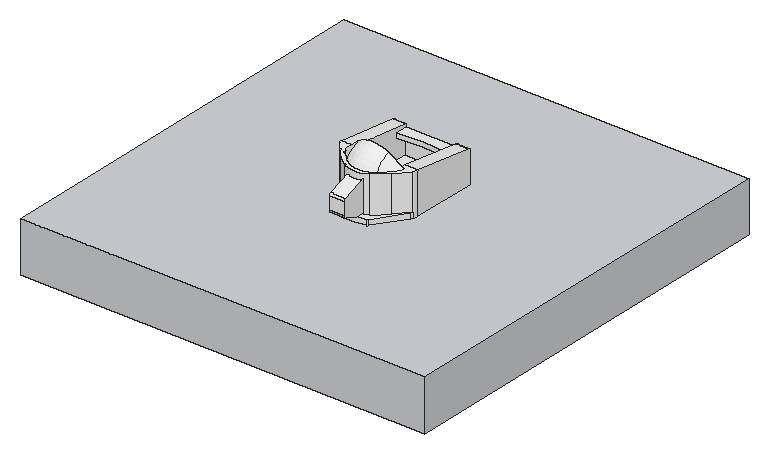
Revit family
Parameters (values of type "Vitreous_China-0-White")
  Width = 1' - 6"
  Waste Connection = yes
  WFU = 0
  Valve Pressure Drop = 0.00 psi
  URL = "http://www.us.kohler.com"
  Top of Urinal to Finished Floor = 3' - 7"
  Spud = Chrome-Kohler-CP-Polished
  Sanitary Radius = 1"
  Sanitary Diameter = Sanitary Radius * 2  # 2"
  Sanitary Connector = "Sanitary Connection"  # constant formula
  Product Page URL = "http://www.us.kohler.com/onlinecatalog/detail.jsp?prod_num=4960-ER"
  Product Documentation Link = "http://www.us.kohler.com/onlinecatalog/pdf/115945_4.pdf"
  Model = "K-4960-ER"  # constant formula
  Manufacturer = "Kohler"  # constant formula
  Length = 1' - 2 1/8"
  Height = 2' - 4"
  Flush Rate = 0.5 GPM
  Finish = Vitreous_China-Kohler-0-White
  Description = "Bardon™ urinal with rear spud\r\n"  # constant formula
  Default Elevation = 0' - 0"
  Created By = "http://www.medialab3dstudio.com/"
  Cold Water Radius = 3/8"
  Cold Water Diameter = Cold Water Radius * 2  # 3/4"
  Cold Water Connector = "Cold Water Connection"  # constant formula
  CW Connection = yes
  Assembly Code = "D2010210"
  Actual Valve Water Flow = 0 GPM
  ADA Compliant = yes
Types (8): name | Product Page URL | Finish
  (no name) | "http://www.us.kohler.com/onlinecatalog/detail.jsp?prod_num=4960-ER" | Vitreous_China-Kohler-0-White
  Vitreous_China-0-White | "http://www.us.kohler.com/onlinecatalog/detail.jsp?prod_num=4960-ER" | Vitreous_China-Kohler-0-White
  Vitreous_China-7-Black_Black | "http://www.us.kohler.com/onlinecatalog/detail.jsp?prod_num=4960-er" | Vitreous_China-Kohler-7-Black_Black
  Vitreous_China-33-Mexican_Sand | "http://www.us.kohler.com/onlinecatalog/detail.jsp?prod_num=4960-er" | Vitreous_China-Kohler-33-Mexican_Sand
  Vitreous_China-47-Almond | "http://www.us.kohler.com/onlinecatalog/detail.jsp?prod_num=4960-er" | Vitreous_China-Kohler-47-Almond
  Vitreous_China-55-Innocent_Blush | "http://www.us.kohler.com/onlinecatalog/detail.jsp?prod_num=4960-er" | Vitreous_China-Kohler-55-Innocent_Blush
  Vitreous_China-96-Biscuit | "http://www.us.kohler.com/onlinecatalog/detail.jsp?prod_num=4960-er" | Vitreous_China-Kohler-96-Biscuit
  Vitreous_China-G9-Sandbar | "http://www.us.kohler.com/onlinecatalog/detail.jsp?prod_num=4960-er" | Vitreous_China-Kohler-G9-Sandbar
Reference planes
  plane 1 "Center (Top/Bottom)": y = 0
  plane 2 "Back": z = 0
  plane 3 "Center (Left/Right)": x = 0
  plane 4 "Left": x = -228.6
  plane 5 "Right": x = 228.6
  plane 6 "Top": y = 355.6
  plane 7 "Bottom of Urinal": y = -355.6
  plane 8 "Center (Front/Back)": z = 228.6
  plane 9: y = 292.401
  plane 10: z = 152.4
  plane 11: z = 177.8
  plane 12: y = 342.666
  plane 13: x = 152.4
  plane 14: x = -152.4
  plane 15: z = 249.536
  plane 16: z = 31.307
  plane 17 "Front": z = 358.775
  plane 18: x = -203.2
  plane 19: y = 349.85
  plane 20: y = -34.925
  plane 21: z = 197.41
  plane 22: y = 349.85
  plane 23: y = -34.925
  plane 24: z = 197.41
  plane 25: z = 190.558
  plane 26: z = 190.558
  plane 27: x = -44.45
  plane 28: x = 44.45
  plane 29: y = -204.48
  plane 30: y = -346.876
  plane 31: y = -263.045
  plane 32: z = 221.002
  plane 33: z = 168.531
  plane 34: z = 156.072
  plane 35: z = 79.584
  plane 36: z = 66.236
  plane 37: y = -348.799
  plane 38: y = -34.925
  plane 39: x = -216.358
  plane 40: x = -101.6
  plane 41: x = -94.005
  plane 42: y = -69.641
  plane 43: y = -247.208
  plane 44: y = -252.527
  plane 45: x = 94.005
  plane 46: x = 101.6
  plane 47: x = 216.358
  plane 48: y = -204.48
  plane 49: z = -12.254
  plane 50: y = -34.925
  plane 51: y = -63.598
  plane 52: y = -136.633
  plane 53: y = -172.058
  plane 54: y = -114.045
  plane 55: x = -83.263
  plane 56: x = 219.966
  plane 57: x = -219.966
  plane 58: y = -203.79
  plane 59: x = -76.712
  plane 60: x = 76.712
  plane 61: x = 83.263
  plane 62: y = -34.925
  plane 63: x = 169.256
  plane 64: x = 156.556
  plane 65: x = -156.556
  plane 66: x = -169.256
  plane 67: x = 83.263
  plane 68: x = -83.263
  plane 69: x = -91.426
  plane 70: x = 91.426
  plane 71: z = 219.319
  plane 72: z = 223.583
  plane 73: z = 227.309
  plane 74: z = 268.397
  plane 75: z = 262.276
  plane 76: y = -87.651
  plane 77: y = -215.62
  plane 78: z = 346.082
  plane 79: z = 187.984
  plane 80: y = -204.48
  plane 81: z = 126.154
  plane 82: y = -63.598
  plane 83: x = -219.966
  plane 84: x = 219.966
  plane 85: y = -69.943
  plane 86: y = -81.04
  plane 87: x = -88.922
  plane 88: x = 88.922
  plane 89: y = -261.911
  plane 90 "Bottom": y = -736.6
  plane 91: y = -179.08
  plane 92: y = -229.88
  plane 93: y = -228.315
  plane 94: y = -228.315
  plane 95: x = 25.4
  plane 96: x = -25.4
  plane 97: x = 168.746
  plane 98: x = -168.746
  plane 99: z = 76.2
  plane 100: x = -12.7
  plane 101: x = -6.35
  plane 102: x = 6.35
  plane 103: x = 12.7
  plane 104: z = 88.9
  plane 105: z = 82.55
  plane 106: z = 69.85
  plane 107: z = 63.5
  plane 108: z = 92.075
  plane 109: z = 60.325
  plane 110: x = -15.875
  plane 111: x = -12.7
  plane 112: x = -9.525
  plane 113: x = 9.525
  plane 114: x = 12.7
  plane 115: x = 15.875
  plane 116: y = 367.854
  plane 117: y = 363.767
  plane 118: y = 359.682
  plane 119: y = 359.682
  plane 120: z = 92.075
  plane 121: z = 88.9
  plane 122: z = 85.725
  plane 123: z = 66.675
  plane 124: z = 63.5
  plane 125: z = 60.325
  plane 126: y = 367.854
  plane 127: y = 363.767
  plane 128: y = 359.682
Forms (mm)
  Extrusion 1, solid
    sketch origin (0, 0, 0) x (1, 0, 0) y (0, 1, 0)
      loop
        line (-1219.2, 1219.2) -> (-1219.2, -1219.2) -> (1219.2, -1219.2) -> (1219.2, 1219.2) -> (-1219.2, 1219.2)
    from 0 to -304.8
  Extrusion 2, solid, material "Vitreous_China-Kohler-0-White" <- "Finish"
    sketch origin (0, 0, 0) x (1, 0, 0) y (0, 0, 1)
      loop
        line (228.6, 0) -> (228.6, 177.8) -> (152.4, 177.8) -> (152.4, 31.307) -> (-152.4, 31.307) -> (-152.4, 177.8) -> (-228.6, 177.8) -> (-228.6, 0) -> (228.6, 0)
    from -355.6 to 34.925
  Extrusion 3, solid, material "Vitreous_China-Kohler-0-White" <- "Finish"
    sketch origin (0, 0, 0) x (1, 0, 0) y (0, 1, 0)
      loop
        arc (-152.4, 277.758) -> (-0.018, 291.223) -> (152.4, 278.161) r 882.18
        line (152.4, 278.161) -> (152.4, 355.6) -> (-152.4, 355.6) -> (-152.4, 277.758)
    from 152.4 to 177.8
  Extrusion 4, solid, material "Vitreous_China-Kohler-0-White" <- "Finish"
    sketch origin (0, 0, 0) x (1, 0, 0) y (0, 0, 1)
      loop
        line (152.4, 152.4) -> (-152.4, 152.4) -> (-152.4, 31.307) -> (152.4, 31.307) -> (152.4, 152.4)
    from -355.6 to -342.666
  Extrusion 5, solid, material "Vitreous_China-Kohler-0-White" <- "Finish"
    sketch origin (0, 12.934, 0) x (0, 1, 0) y (0, 0, 1)
      loop
        line (-47.86, 177.8) -> (342.666, 177.8) -> (342.666, 190.558)
        arc (342.666, 190.558) -> (341.038, 195.03) -> (336.916, 197.41) r 6.958
        line (336.916, 197.41) -> (-47.86, 249.536) -> (-47.86, 177.8)
    from -228.6 to -152.4
  Extrusion 6, solid, material "Vitreous_China-Kohler-0-White" <- "Finish"
    sketch origin (0, 0, 0) x (1, 0, 0) y (0, 1, 0)
      loop
        line (-216.358, -69.641) -> (-101.6, -247.208)
        arc (-101.6, -247.208) -> (-98.281, -250.551) -> (-94.005, -252.527) r 13.301
        arc (-94.005, -252.527) -> (0, -264.57) -> (94.005, -252.527) r 372.897
        arc (94.005, -252.527) -> (98.281, -250.551) -> (101.6, -247.208) r 13.301
        line (101.6, -247.208) -> (216.358, -69.641)
        arc (216.358, -69.641) -> (225.064, -53.195) -> (228.6, -34.925) r 63.172
        line (228.6, -34.925) -> (-228.6, -34.925)
        arc (-228.6, -34.925) -> (-225.064, -53.195) -> (-216.358, -69.641) r 63.172
    from 0 to 31.307
  Extrusion 7, solid, material "Vitreous_China-Kohler-0-White" <- "Finish"
    sketch origin (0, 12.934, 0) x (0, 1, 0) y (0, 0, -1)
      loop
        line (-47.86, -177.8) -> (-47.86, -249.536) -> (336.916, -197.41)
        arc (336.916, -197.41) -> (341.038, -195.03) -> (342.666, -190.558) r 6.958
        line (342.666, -190.558) -> (342.666, -177.8) -> (-47.86, -177.8)
    from -228.6 to -152.4
  Extrusion 8, solid, material "Vitreous_China-Kohler-0-White" <- "Finish"
    sketch origin (0, 0, 0) x (1, 0, 0) y (0, 1, 0)
      loop
        arc (-152.4, -136.633) -> (-116.352, -172.236) -> (-76.712, -203.79) r 474.221
        arc (-76.712, -203.79) -> (0, -228.315) -> (76.712, -203.79) r 132.238
        arc (76.712, -203.79) -> (116.352, -172.236) -> (152.4, -136.633) r 474.221
        line (152.4, -136.633) -> (219.966, -63.598)
        arc (219.966, -63.598) -> (226.395, -49.897) -> (228.6, -34.925) r 51.924
        line (228.6, -34.925) -> (152.4, -34.925) -> (152.4, -114.045) -> (83.263, -172.058)
        arc (83.263, -172.058) -> (0, -202.363) -> (-83.263, -172.058) r 129.533
        line (-83.263, -172.058) -> (-152.4, -114.045) -> (-152.4, -34.925) -> (-228.6, -34.925)
        arc (-228.6, -34.925) -> (-226.395, -49.897) -> (-219.966, -63.598) r 51.924
        line (-219.966, -63.598) -> (-152.4, -136.633)
    from 0 to 249.536
  Extrusion 9, solid, material "Vitreous_China-Kohler-0-White" <- "Finish"
    sketch origin (0, 0, 0) x (0, 1, 0) y (0, 0, 1)
      loop
        line (-263.045, 31.307) -> (-204.48, 31.307) -> (-204.48, 221.002) -> (-346.876, 168.531)
        arc (-346.876, 168.531) -> (-353.202, 163.677) -> (-355.6, 156.072) r 13.259
        line (-355.6, 156.072) -> (-355.6, 79.584)
        arc (-355.6, 79.584) -> (-354.467, 71.755) -> (-348.799, 66.236) r 12.295
        line (-348.799, 66.236) -> (-263.045, 31.307)
    from -44.45 to 44.45
  Sweep 10, solid, material "Vitreous_China-Kohler-0-White" <- "Finish"
    path origin (0, 12.695, -61.551) x (0, 1, 0) y (0, 0, 1)
      loop
        arc (-228.315, 249.536) -> (-192.314, 351.235) -> (-100.346, 407.633) r 161.645
    profile origin (0, -179.618, 289.684) x (0, -0.77728, 0.629155) y (1, 0, 0)
      loop
        line (-111.84, 169.256) -> (-111.84, 156.556) -> (-105.062, 156.556) -> (-43.562, 83.263)
        arc (-43.562, 83.263) -> (-13.257, 0) -> (-43.562, -83.263) r 129.533
        line (-43.562, -83.263) -> (-105.062, -156.556) -> (-111.84, -156.556) -> (-111.84, -169.256) -> (-99.14, -169.256) -> (-33.833, -91.426)
        arc (-33.833, -91.426) -> (-0.557, 0) -> (-33.833, 91.426) r 142.233
        line (-33.833, 91.426) -> (-99.14, 169.256) -> (-111.84, 169.256)
  Extrusion 11, solid, material "Chrome-Kohler-CP-Polished" <- "Spud"
    sketch origin (0, 0, 0) x (1, 0, 0) y (0, 1, 0)
      loop
        arc (-25.4, -204.48) -> (-17.961, -222.441) -> (0, -229.88) r 25.4
        arc (0, -229.88) -> (17.961, -222.441) -> (25.4, -204.48) r 25.4
        arc (25.4, -204.48) -> (17.961, -186.52) -> (0, -179.08) r 25.4
        arc (0, -179.08) -> (-17.961, -186.52) -> (-25.4, -204.48) r 25.4
    from -12.254 to 0
  Revolve 12, solid, material "Chrome-Kohler-CP-Polished" <- "Spud"
    sketch origin (0, -779.8, 127.368) x (0, 0.258819, -0.965926) y (0, 0.965926, 0.258819)
      loop
        arc (176.37, 558.19) -> (173.039, 559.512) -> (169.642, 560.654) r 67.161
        arc (169.642, 560.654) -> (167.367, 560.339) -> (165.161, 559.701) r 15.956
        line (165.161, 559.701) -> (152.162, 563.184) -> (150.076, 555.402) -> (182.673, 546.668) -> (183.455, 551.105)
        arc (183.455, 551.105) -> (180.596, 555.33) -> (176.37, 558.19) r 13.473
      axis (152.7, 565.193) -> (150.076, 555.402)
    angle from 0 to 360
  Extrusion 13, solid, material "Chrome-Kohler-CP-Polished" <- "Spud"
    sketch origin (0, 355.6, -238.556) x (1, 0, 0) y (0, 0, 1)
      loop
        arc (-9.525, 314.756) -> (-6.735, 308.02) -> (0, 305.231) r 9.525
        arc (0, 305.231) -> (6.735, 308.02) -> (9.525, 314.756) r 9.525
        arc (9.525, 314.756) -> (6.735, 321.491) -> (0, 324.281) r 9.525
        arc (0, 324.281) -> (-6.735, 321.491) -> (-9.525, 314.756) r 9.525
    from -12.254 to -8.167
  Extrusion 14, solid, material "Chrome-Kohler-CP-Polished" <- "Spud"
    sketch origin (0, 355.6, -238.556) x (1, 0, 0) y (0, 0, 1)
      loop
        line (-12.7, 308.406) -> (-6.35, 302.056) -> (6.35, 302.056) -> (12.7, 308.406) -> (12.7, 321.106) -> (6.35, 327.456) -> (-6.35, 327.456) -> (-12.7, 321.106) -> (-12.7, 308.406)
    from -8.167 to -4.082
  Extrusion 15, solid, material "Chrome-Kohler-CP-Polished" <- "Spud"
    sketch origin (0, 355.6, -238.556) x (1, 0, 0) y (0, 0, 1)
      loop
        arc (-15.875, 314.756) -> (-11.225, 303.53) -> (0, 298.881) r 15.875
        arc (0, 298.881) -> (11.225, 303.53) -> (15.875, 314.756) r 15.875
        arc (15.875, 314.756) -> (11.225, 325.981) -> (0, 330.631) r 15.875
        arc (0, 330.631) -> (-11.225, 325.981) -> (-15.875, 314.756) r 15.875
    from -4.082 to 0
Cuts and joins
  joined: Extrusion 2, Extrusion 3, Extrusion 4, Extrusion 5, Extrusion 6, Extrusion 7, Extrusion 8, Sweep 10
Lines and regions (mm)
  Masking region 1, detail levels coarse
    outline origin (0, 0, 0) x (1, 0, 0) y (0, 1, 0)
      loop
        line (-228.6, 355.6) -> (-228.6, -355.6) -> (228.6, -355.6) -> (228.6, 355.6) -> (-228.6, 355.6)
  Masking region 2, detail levels medium+fine
    outline origin (0, 0, 228.6) x (0, -1, 0) y (1, 0, 0)
      loop
        line (-355.6, -228.6) -> (34.925, -228.6)
        arc (34.925, -228.6) -> (47.272, -227.111) -> (58.911, -222.728) r 51.924
        arc (58.911, -222.728) -> (64.434, -219.809) -> (69.641, -216.358) r 63.172
        line (69.641, -216.358) -> (247.208, -101.6)
        arc (247.208, -101.6) -> (250.551, -98.281) -> (252.527, -94.005) r 13.301
        arc (252.527, -94.005) -> (258.058, -69.386) -> (261.911, -44.45) r 372.897
        line (261.911, -44.45) -> (355.6, -44.45) -> (355.6, 44.45) -> (261.911, 44.45)
        arc (261.911, 44.45) -> (258.058, 69.386) -> (252.527, 94.005) r 372.897
        arc (252.527, 94.005) -> (250.551, 98.281) -> (247.208, 101.6) r 13.301
        line (247.208, 101.6) -> (69.641, 216.358)
        arc (69.641, 216.358) -> (64.434, 219.809) -> (58.911, 222.728) r 63.172
        arc (58.911, 222.728) -> (47.272, 227.111) -> (34.925, 228.6) r 51.924
        line (34.925, 228.6) -> (-355.6, 228.6) -> (-355.6, 15.875) -> (-359.682, 15.875) -> (-359.682, 12.7) -> (-363.767, 12.7) -> (-363.767, 9.525) -> (-367.854, 9.525) -> (-367.854, -9.525) -> (-363.767, -9.525) -> (-363.767, -12.7) -> (-359.682, -12.7) -> (-359.682, -15.875) -> (-355.6, -15.875) -> (-355.6, -228.6)
  Masking region 3, detail levels fine
    outline origin (0, 0, 0) x (1, 0, 0) y (0, 1, 0)
      loop
        arc (0, -179.08) -> (-17.961, -186.52) -> (-25.4, -204.48) r 25.4
        arc (-25.4, -204.48) -> (-17.961, -222.441) -> (0, -229.88) r 25.4
        arc (0, -229.88) -> (17.961, -222.441) -> (25.4, -204.48) r 25.4
        arc (25.4, -204.48) -> (17.961, -186.52) -> (0, -179.08) r 25.4
  Masking region 4, detail levels fine
    outline origin (0, 0, 457.2) x (0, -1, 0) y (1, 0, 0)
      loop
        line (-277.758, -152.4) -> (69.943, -152.4) -> (81.04, -88.922)
        arc (81.04, -88.922) -> (87.647, 0) -> (81.04, 88.922) r 601.641
        line (81.04, 88.922) -> (69.943, 152.4) -> (-278.161, 152.4)
        arc (-278.161, 152.4) -> (-291.223, -0.018) -> (-277.758, -152.4) r 882.18
  Masking region 5, detail levels fine
    outline origin (0, 0, 457.2) x (0, -1, 0) y (1, 0, 0)
      loop
        line (81.04, -88.922) -> (58.338, -218.789) -> (172.058, -83.263)
        arc (172.058, -83.263) -> (202.363, 0) -> (172.058, 83.263) r 129.533
        line (172.058, 83.263) -> (58.338, 218.789) -> (81.04, 88.922)
        arc (81.04, 88.922) -> (87.647, 0) -> (81.04, -88.922) r 601.641
  Masking region 6, detail levels coarse
    outline origin (0, 0, 0) x (0, 1, 0) y (0, 0, 1)
      loop
        line (355.6, 358.775) -> (-355.6, 358.775) -> (-355.6, 0) -> (355.6, 0) -> (355.6, 358.775)
  Masking region 7, detail levels medium+fine
    outline origin (0, 0, 0) x (0, 1, 0) y (0, 0, 1)
      loop
        arc (355.6, 190.558) -> (353.972, 195.03) -> (349.85, 197.41) r 6.958
        line (349.85, 197.41) -> (-34.925, 249.536) -> (-67.086, 249.536) -> (-89.162, 353.177)
        arc (-89.162, 353.177) -> (-159.668, 316.352) -> (-202.826, 249.536) r 155.887
        line (-202.826, 249.536) -> (-228.315, 249.536) -> (-228.315, 212.219) -> (-346.876, 168.531)
        arc (-346.876, 168.531) -> (-353.202, 163.677) -> (-355.6, 156.072) r 13.259
        line (-355.6, 156.072) -> (-355.6, 79.584)
        arc (-355.6, 79.584) -> (-354.467, 71.755) -> (-348.799, 66.236) r 12.295
        line (-348.799, 66.236) -> (-261.911, 30.845) -> (-261.911, 0) -> (-229.88, 0) -> (-229.88, -12.254) -> (-179.08, -12.254) -> (-179.08, 0) -> (355.6, 0) -> (355.6, 60.325) -> (359.682, 60.325) -> (359.682, 63.5) -> (363.767, 63.5) -> (363.767, 66.675) -> (367.854, 66.675) -> (367.854, 85.725) -> (363.767, 85.725) -> (363.767, 88.9) -> (359.682, 88.9) -> (359.682, 92.075) -> (355.6, 92.075) -> (355.6, 190.558)
  Masking region 8, detail levels fine
    outline origin (0, 0, 0) x (0, 1, 0) y (0, 0, 1)
      loop
        line (-63.598, 31.307) -> (-261.911, 31.307) -> (-261.911, 0) -> (-63.598, 0) -> (-63.598, 31.307)
  Masking region 9, detail levels coarse
    outline origin (0, 0, 0) x (1, 0, 0) y (0, 0, 1)
      loop
        line (228.6, 358.775) -> (-228.6, 358.775) -> (-228.6, 0) -> (228.6, 0) -> (228.6, 358.775)
  Masking region 10, detail levels medium+fine
    outline origin (0, 0, 0) x (1, 0, 0) y (0, 0, 1)
      loop
        line (228.6, 0) -> (228.6, 249.536) -> (168.746, 249.536) -> (82.117, 320.631)
        spline (82.117, 320.631) -> (69.794, 328.3) -> (56.736, 334.687) -> (43.083, 339.726) -> (28.976, 343.364) -> (14.564, 345.562) -> (0, 346.297) -> (-14.564, 345.562) -> (-28.976, 343.364) -> (-43.083, 339.726) -> (-56.736, 334.687) -> (-69.794, 328.3) -> (-82.117, 320.631)
        line (-82.117, 320.631) -> (-168.746, 249.536) -> (-228.6, 249.536) -> (-228.6, 0) -> (-25.4, 0) -> (-25.4, -12.254) -> (25.4, -12.254) -> (25.4, 0) -> (228.6, 0)
  Masking region 11, detail levels fine
    outline origin (0, 355.6, 0) x (1, 0, 0) y (0, 0, 1)
      loop
        line (152.4, 246.736) -> (83.263, 303.476)
        spline (83.263, 303.476) -> (71.18, 312.274) -> (58.135, 319.64) -> (44.303, 325.476) -> (29.872, 329.701) -> (15.038, 332.26) -> (0, 333.116) -> (-15.038, 332.26) -> (-29.872, 329.701) -> (-44.303, 325.476) -> (-58.135, 319.64) -> (-71.18, 312.274) -> (-83.263, 303.476)
        line (-83.263, 303.476) -> (-152.4, 246.736) -> (-152.4, 177.8) -> (152.4, 177.8) -> (152.4, 246.736)
  Masking region 12, detail levels fine
    outline origin (0, 0, 0) x (1, 0, 0) y (0, 0, 1)
      loop
        line (25.4, 0) -> (-25.4, 0) -> (-25.4, -12.254) -> (25.4, -12.254) -> (25.4, 0)
  Masking region 13, detail levels fine
    outline origin (0, 355.6, -238.556) x (0, 0, 1) y (0, -1, 0)
      loop
        line (330.631, 0) -> (298.881, 0) -> (298.881, -4.082) -> (330.631, -4.082) -> (330.631, 0)
  Masking region 14, detail levels fine
    outline origin (0, 355.6, -238.556) x (0, 0, 1) y (0, -1, 0)
      loop
        line (321.106, -4.082) -> (308.406, -4.082) -> (308.406, -8.167) -> (321.106, -8.167) -> (321.106, -4.082)
  Masking region 15, detail levels fine
    outline origin (0, 355.6, -238.556) x (0, 0, 1) y (0, -1, 0)
      loop
        line (302.056, -4.082) -> (302.056, -8.167) -> (327.456, -8.167) -> (327.456, -4.082) -> (302.056, -4.082)
  Masking region 16, detail levels fine
    outline origin (0, 0, 0) x (1, 0, 0) y (0, 1, 0)
      loop
        line (-12.7, 363.767) -> (-12.7, 359.682) -> (12.7, 359.682) -> (12.7, 363.767) -> (-12.7, 363.767)
  Masking region 17, detail levels fine
    outline origin (0, 0, 0) x (1, 0, 0) y (0, 1, 0)
      loop
        line (-15.875, 359.682) -> (-15.875, 355.6) -> (15.875, 355.6) -> (15.875, 359.682) -> (-15.875, 359.682)
  Masking region 18, detail levels fine
    outline origin (0, 0, 0) x (1, 0, 0) y (0, 1, 0)
      loop
        line (-6.35, 363.767) -> (-6.35, 359.682) -> (6.35, 359.682) -> (6.35, 363.767) -> (-6.35, 363.767)
  Masking region 19, detail levels fine
    outline origin (0, 355.6, 0) x (1, 0, 0) y (0, 0, 1)
      loop
        arc (9.525, 76.2) -> (6.735, 82.935) -> (0, 85.725) r 9.525
        arc (0, 85.725) -> (-6.735, 82.935) -> (-9.525, 76.2) r 9.525
        arc (-9.525, 76.2) -> (-6.735, 69.465) -> (0, 66.675) r 9.525
        arc (0, 66.675) -> (6.735, 69.465) -> (9.525, 76.2) r 9.525
      loop
        line (12.7, 69.85) -> (12.7, 82.55) -> (6.35, 88.9) -> (-6.35, 88.9) -> (-12.7, 82.55) -> (-12.7, 69.85) -> (-6.35, 63.5) -> (6.35, 63.5) -> (12.7, 69.85)
      loop
        arc (15.875, 76.2) -> (11.225, 87.425) -> (0, 92.075) r 15.875
        arc (0, 92.075) -> (-11.225, 87.425) -> (-15.875, 76.2) r 15.875
        arc (-15.875, 76.2) -> (-11.225, 64.975) -> (0, 60.325) r 15.875
        arc (0, 60.325) -> (11.225, 64.975) -> (15.875, 76.2) r 15.875
  symbolic lines, style "Masking Lines", detail levels fine
    curve 1: arc (-152.4, -136.633, 457.2) -> (-116.352, -172.236, 457.2) -> (-76.712, -203.79, 457.2) r 474.221
    curve 2: line (-219.966, -63.598, 457.2) -> (-152.4, -136.633, 457.2)
    curve 3: arc (-76.712, -203.79, 457.2) -> (0, -228.315, 457.2) -> (76.712, -203.79, 457.2) r 132.238
    curve 4: arc (76.712, -203.79, 457.2) -> (116.352, -172.236, 457.2) -> (152.4, -136.633, 457.2) r 474.221
    curve 5: line (152.4, -136.633, 457.2) -> (219.966, -63.598, 457.2)
    curve 6: arc (-44.45, -261.911, 0) -> (0, -263.045, 0) -> (44.45, -261.911, 0) r 872.166
    curve 7: line (0, -204.48, 249.536) -> (0, -63.598, 249.536)
    curve 8: line (0, -228.315, 228.6) -> (0, -228.315, 31.307)
    curve 9: line (-44.45, -261.911, 358.775) -> (-44.45, -220.62, 358.775)
    curve 10: line (44.45, -261.911, 358.775) -> (44.45, -220.62, 358.775)
    curve 11: line (-152.4, 277.758, 358.775) -> (-152.4, 355.6, 358.775)
    curve 12: line (152.4, 278.161, 358.775) -> (152.4, 355.6, 358.775)
Dimensions and locks
  equal spacing: plane 4 "Left", plane 3 "Center (Left/Right)", plane 5 "Right"
  "Width": plane 4 "Left" to plane 5 "Right"
  equal spacing: plane 7 "Bottom of Urinal", plane 1 "Center (Top/Bottom)", plane 6 "Top"
  "Height": plane 7 "Bottom of Urinal" to plane 6 "Top"
  locked: plane 2 "Back" to plane 15 at 249.536
  locked: plane 4 "Left" to plane 18 at 25.4
  plane 19 to plane 20 to plane 7 "Bottom of Urinal" = 1' - 3.14864" locked, 1' - 0 5/8" locked
  locked: plane 25 to plane 24 at 6.852
  plane 22 to plane 23 to plane 7 "Bottom of Urinal" = 1' - 3.14864" locked, 1' - 0 5/8" locked
  locked: plane 21 to plane 26 at 6.852
  plane 7 "Bottom of Urinal" to plane 37 to plane 30 = 0' - 0.26777" locked, 0' - 0.0757" locked
  plane 31 to plane 29 to plane 1 "Center (Top/Bottom)" = 0' - 2.30569" locked, 0' - 8.0504" locked
  plane 34 to plane 33 to plane 32 = 0' - 0.49053" locked, 0' - 2.06576" locked
  plane 2 "Back" to plane 36 to plane 35 = 0' - 2.60771" locked, 0' - 0.52553" locked
  plane 4 "Left" to plane 39 to plane 40 to plane 41 = 0' - 0.48197" locked, 0' - 4.51801" locked, 0' - 0.29904" locked
  plane 45 to plane 46 to plane 47 to plane 5 "Right" = 0' - 0.29904" locked, 0' - 4.51801" locked, 0' - 0.48197" locked
  plane 42 to plane 38 to plane 6 "Top" = 0' - 1.36677" locked, 1' - 3 3/8" locked
  plane 7 "Bottom of Urinal" to plane 44 to plane 43 = 0' - 4.05801" locked, 0' - 0.20939" locked
  plane 4 "Left" to plane 57 to plane 55 to plane 59 = 0' - 0.33993" locked, 0' - 5.38201" locked, 0' - 0.2579" locked
  plane 60 to plane 61 to plane 56 to plane 5 "Right" = 0' - 0.2579" locked, 0' - 5.38201" locked, 0' - 0.33993" locked
  plane 54 to plane 51 to plane 50 to plane 6 "Top" = 0' - 1.9861" locked, 0' - 1.12884" locked, 1' - 3 3/8" locked
  plane 7 "Bottom of Urinal" to plane 58 to plane 53 to plane 52 = 0' - 5.97676" locked, 0' - 1.24931" locked, 0' - 1.39468" locked
  locked: plane 7 "Bottom of Urinal" to plane 62 at 320.675
  locked: plane 48 to plane 7 "Bottom of Urinal" at 151.12
  locked: plane 75 to plane 74 at 6.121
  plane 2 "Back" to plane 71 to plane 72 to plane 73 = 0' - 8.6346" locked, 0' - 0.16789" locked, 0' - 0.14669" locked
  plane 68 to plane 69 to plane 65 to plane 66 to plane 4 "Left" = 0' - 0.32139" locked, 0' - 2.56418" locked, 0' - 0 1/2" locked, 0' - 2.33638" locked
  plane 5 "Right" to plane 63 to plane 64 to plane 70 to plane 67 = 0' - 2.33638" locked, 0' - 0 1/2" locked, 0' - 2.56418" locked, 0' - 0.32139" locked
  locked: plane 7 "Bottom of Urinal" to plane 77 at 139.98
  locked: plane 76 to plane 6 "Top" at 443.251
  locked: plane 2 "Back" to plane 79 at 187.984
  locked: plane 7 "Bottom of Urinal" to plane 80 at 151.12
  plane 27 to plane 3 "Center (Left/Right)" to plane 28 = 0' - 1 3/4" locked, 0' - 1 3/4" locked
  locked: plane 81 to plane 15 at 123.381
  locked: plane 4 "Left" to plane 83 at 8.634
  locked: plane 84 to plane 5 "Right" at 8.634
  locked: plane 7 "Bottom of Urinal" to plane 82 at 292.002
  locked: plane 4 "Left" to plane 87 at 139.678
  locked: plane 88 to plane 84 at 131.044
  plane 85 to plane 86 to plane 7 "Bottom of Urinal" = 0' - 0.43687" locked, 0' - 10.80946" locked
  locked: plane 7 "Bottom of Urinal" to plane 89 at 93.689
  "Top of Urinal to Finished Floor": plane 90 "Bottom" to plane 6 "Top"
  plane 91 to plane 92 to plane 7 "Bottom of Urinal" = 0' - 2" locked, 0' - 4.9496" locked
  locked: plane 93 to plane 7 "Bottom of Urinal" at 127.285
  locked: plane 94 to plane 7 "Bottom of Urinal" at 127.285
  plane 95 to plane 97 to plane 5 "Right" = 0' - 5.64355" locked, 0' - 2.35645" locked
  plane 4 "Left" to plane 98 to plane 96 = 0' - 2.35645" locked, 0' - 5.64355" locked
  "Length": plane 2 "Back" to plane 17 "Front"
  locked: plane 2 "Back" to plane 49 at 12.254
  plane 4 "Left" to plane 110 to plane 111 to plane 112 = 0' - 8 3/8" locked, 0' - 0 1/8" locked, 0' - 0 1/8" locked
  plane 113 to plane 114 to plane 115 to plane 5 "Right" = 0' - 0 1/8" locked, 0' - 0 1/8" locked, 0' - 8 3/8" locked
  plane 116 to plane 117 to plane 118 to plane 6 "Top" = 0' - 0.16092" locked, 0' - 0.16082" locked, 0' - 0.16071" locked
  plane 2 "Back" to plane 107 to plane 106 = 0' - 2 1/2" locked, 0' - 0 1/4" locked
  plane 105 to plane 104 to plane 17 "Front" = 0' - 0 1/4" locked, 0' - 10 5/8" locked
  plane 5 "Right" to plane 103 to plane 102 = 0' - 8 1/2" locked, 0' - 0 1/4" locked
  plane 101 to plane 100 to plane 4 "Left" = 0' - 0 1/4" locked, 0' - 8 1/2" locked
  plane 2 "Back" to plane 109 to plane 108 = 0' - 2 3/8" locked, 0' - 1 1/4" locked
  locked: plane 119 to plane 6 "Top" at 4.082
  plane 2 "Back" to plane 125 to plane 124 to plane 123 = 0' - 2 3/8" locked, 0' - 0 1/8" locked, 0' - 0 1/8" locked
  plane 122 to plane 121 to plane 120 to plane 17 "Front" = 0' - 0 1/8" locked, 0' - 0 1/8" locked, 0' - 10 1/2" locked
  plane 126 to plane 127 to plane 128 to plane 6 "Top" = 0' - 0.16092" locked, 0' - 0.16082" locked, 0' - 0.16071" locked
  aligned and locked: plane 2 "Back" to Extrusion 1
  aligned and locked: level to Extrusion 1
  aligned and locked: Extrusion 2 to plane 6 "Top"
  aligned and locked: plane 10 to Extrusion 3
  aligned and locked: Extrusion 3 to plane 11
  aligned and locked: Extrusion 4 to plane 6 "Top"
  aligned and locked: Extrusion 4 to plane 12
  aligned and locked: Extrusion 5 to plane 14
  aligned and locked: Extrusion 5 to plane 4 "Left"
  aligned and locked: plane 11 to Extrusion 5
  aligned and locked: Extrusion 5 to plane 15
  aligned and locked: Extrusion 6 to plane 2 "Back"
  aligned and locked: plane 16 to Extrusion 6
  aligned and locked: Extrusion 2 sketch curve to plane 5 "Right"
  aligned and locked: Extrusion 2 sketch curve to plane 2 "Back"
  aligned and locked: Extrusion 2 sketch curve to plane 4 "Left"
  aligned and locked: Extrusion 2 sketch curve to plane 14
  aligned and locked: Extrusion 2 sketch curve to plane 13
  aligned and locked: plane 11 to Extrusion 2 sketch curve
  aligned and locked: Extrusion 2 sketch curve to plane 11
  aligned and locked: Extrusion 2 sketch curve to plane 16
  aligned and locked: plane 6 "Top" to Extrusion 7 sketch curve  (x2)
  aligned and locked: Extrusion 7 sketch curve to plane 11
  aligned and locked: Extrusion 7 sketch curve to plane 20
  aligned and locked: plane 19 to Extrusion 7 sketch curve
  aligned and locked: plane 21 to Extrusion 7 sketch curve
  aligned and locked: plane 15 to Extrusion 7 sketch curve
  aligned and locked: plane 5 "Right" to Extrusion 7
  aligned and locked: plane 13 to Extrusion 7
  aligned and locked: plane 15 to Extrusion 5 sketch curve
  aligned and locked: plane 24 to Extrusion 5 sketch curve
  aligned and locked: plane 25 to Extrusion 5 sketch curve
  aligned and locked: Extrusion 5 sketch curve to plane 11
  aligned and locked: Extrusion 5 sketch curve to plane 23
  aligned and locked: plane 26 to Extrusion 7 sketch curve
  aligned and locked: Extrusion 8 to plane 15
  aligned and locked: Extrusion 8 to plane 2 "Back"
  aligned and locked: Extrusion 4 sketch curve to plane 13
  aligned and locked: plane 14 to Extrusion 4 sketch curve
  aligned and locked: Extrusion 9 to plane 27
  aligned and locked: plane 28 to Extrusion 9
  aligned and locked: plane 32 to Extrusion 9 sketch curve
  aligned and locked: plane 33 to Extrusion 9 sketch curve
  aligned and locked: plane 34 to Extrusion 9 sketch curve
  aligned and locked: plane 35 to Extrusion 9 sketch curve
  aligned and locked: plane 36 to Extrusion 9 sketch curve
  aligned and locked: Extrusion 9 sketch curve to plane 16
  aligned and locked: plane 29 to Extrusion 9 sketch curve  (x2)
  aligned and locked: plane 31 to Extrusion 9 sketch curve
  aligned and locked: plane 30 to Extrusion 9 sketch curve
  aligned and locked: plane 7 "Bottom of Urinal" to Extrusion 9 sketch curve  (x2)
  aligned and locked: plane 37 to Extrusion 9 sketch curve
  aligned and locked: Extrusion 6 sketch curve to plane 38
  aligned and locked: plane 42 to Extrusion 6 sketch curve  (x2)
  aligned and locked: plane 43 to Extrusion 6 sketch curve  (x2)
  aligned and locked: plane 44 to Extrusion 6 sketch curve  (x2)
  aligned and locked: plane 39 to Extrusion 6 sketch curve
  aligned and locked: plane 40 to Extrusion 6 sketch curve
  aligned and locked: plane 41 to Extrusion 6 sketch curve
  aligned and locked: plane 45 to Extrusion 6 sketch curve
  aligned and locked: plane 46 to Extrusion 6 sketch curve
  aligned and locked: plane 47 to Extrusion 6 sketch curve
  aligned and locked: plane 5 "Right" to Extrusion 6 sketch curve
  aligned and locked: plane 4 "Left" to Extrusion 6 sketch curve
  aligned and locked: Sweep 10 to Extrusion 8 sketch curve
  aligned and locked: Extrusion 8 sketch curve to Sweep 10
  aligned and locked: plane 3 "Center (Left/Right)" to Extrusion 11 sketch curve  (x2)
  aligned and locked: plane 48 to Extrusion 11 sketch curve  (x2)
  aligned and locked: plane 49 to Extrusion 11
  aligned and locked: plane 2 "Back" to Extrusion 11
  aligned and locked: plane 50 to Extrusion 8 sketch curve
  aligned and locked: Extrusion 8 sketch curve to plane 50
  aligned and locked: plane 51 to Extrusion 8 sketch curve  (x2)
  aligned and locked: plane 54 to Extrusion 8 sketch curve  (x2)
  aligned and locked: plane 52 to Extrusion 8 sketch curve  (x2)
  aligned and locked: plane 58 to Extrusion 8 sketch curve  (x2)
  aligned and locked: plane 4 "Left" to Extrusion 8 sketch curve
  aligned and locked: plane 57 to Extrusion 8 sketch curve
  aligned and locked: plane 14 to Extrusion 8 sketch curve
  aligned and locked: plane 55 to Extrusion 8 sketch curve
  aligned and locked: plane 59 to Extrusion 8 sketch curve
  aligned and locked: plane 60 to Extrusion 8 sketch curve
  aligned and locked: plane 61 to Extrusion 8 sketch curve
  aligned and locked: Extrusion 8 sketch curve to plane 13
  aligned and locked: plane 56 to Extrusion 8 sketch curve
  aligned and locked: plane 5 "Right" to Extrusion 8 sketch curve
  aligned and locked: plane 62 to cut or joined group of Extrusion 2, Extrusion 3, Extrusion 4, Extrusion 5, Extrusion 6, Extrusion 7, Extrusion 8, Sweep 10
  aligned and locked: Sweep 10 sketch curve to plane 63
  aligned and locked: Sweep 10 sketch curve to plane 64
  aligned and locked: plane 70 to Sweep 10 sketch curve
  aligned and locked: plane 67 to Sweep 10 sketch curve
  aligned and locked: plane 68 to Sweep 10 sketch curve
  aligned and locked: plane 69 to Sweep 10 sketch curve
  aligned and locked: Sweep 10 sketch curve to plane 65
  aligned and locked: plane 66 to Sweep 10 sketch curve
  aligned and locked: plane 74 to Sweep 10 sketch curve  (x2)
  aligned and locked: plane 75 to Sweep 10 sketch curve  (x2)
  aligned and locked: plane 73 to Sweep 10 sketch curve  (x2)
  aligned and locked: plane 72 to Sweep 10 sketch curve  (x2)
  aligned and locked: plane 71 to Sweep 10 sketch curve  (x2)
  aligned and locked: plane 78 to Sweep 10 sketch curve
  aligned and locked: plane 79 to Sweep 10 sketch curve
  aligned and locked: plane 77 to Sweep 10 sketch curve
  aligned and locked: plane 76 to Sweep 10 sketch curve
  aligned and locked: Revolve 12 to plane 80
  aligned and locked: Revolve 12 sketch curve to plane 81
  aligned and locked: plane 3 "Center (Left/Right)" to Revolve 12  (x2)
  aligned and locked: plane 6 "Top" to Masking region 1 sketch curve
  aligned and locked: plane 4 "Left" to Masking region 1 sketch curve
  aligned and locked: Masking region 1 sketch curve to plane 7 "Bottom of Urinal"
  aligned and locked: Masking region 1 sketch curve to plane 5 "Right"
  aligned and locked: Masking region 2 sketch curve to cut or joined group of Extrusion 2, Extrusion 3, Extrusion 4, Extrusion 5, Extrusion 6, Extrusion 7, Extrusion 8, Sweep 10  (x10)
  aligned and locked: Masking region 2 sketch curve to Extrusion 9
  aligned and locked: Extrusion 9 to Masking region 2 sketch curve
  aligned and locked: Masking region 2 sketch curve to plane 27
  aligned and locked: Masking region 3 sketch curve to Extrusion 11  (x4)
  aligned and locked: curve 1 to cut or joined group of Extrusion 2, Extrusion 3, Extrusion 4, Extrusion 5, Extrusion 6, Extrusion 7, Extrusion 8, Sweep 10
  aligned and locked: curve 3 to cut or joined group of Extrusion 2, Extrusion 3, Extrusion 4, Extrusion 5, Extrusion 6, Extrusion 7, Extrusion 8, Sweep 10
  aligned and locked: curve 4 to cut or joined group of Extrusion 2, Extrusion 3, Extrusion 4, Extrusion 5, Extrusion 6, Extrusion 7, Extrusion 8, Sweep 10
  aligned and locked: curve 5 to cut or joined group of Extrusion 2, Extrusion 3, Extrusion 4, Extrusion 5, Extrusion 6, Extrusion 7, Extrusion 8, Sweep 10
  aligned and locked: plane 83 to curve 2
  aligned and locked: plane 84 to curve 5
  aligned and locked: plane 82 to curve 5
  aligned and locked: Masking region 4 sketch curve to cut or joined group of Extrusion 2, Extrusion 3, Extrusion 4, Extrusion 5, Extrusion 6, Extrusion 7, Extrusion 8, Sweep 10  (x2)
  aligned and locked: cut or joined group of Extrusion 2, Extrusion 3, Extrusion 4, Extrusion 5, Extrusion 6, Extrusion 7, Extrusion 8, Sweep 10 to Masking region 4 sketch curve
  aligned and locked: Masking region 5 sketch curve to cut or joined group of Extrusion 2, Extrusion 3, Extrusion 4, Extrusion 5, Extrusion 6, Extrusion 7, Extrusion 8, Sweep 10  (x4)
  aligned and locked: plane 85 to Masking region 4 sketch curve  (x2)
  aligned and locked: plane 86 to Masking region 4 sketch curve  (x2)
  aligned and locked: plane 87 to Masking region 4 sketch curve
  aligned and locked: plane 88 to Masking region 4 sketch curve
  aligned and locked: plane 13 to Masking region 4 sketch curve
  aligned and locked: plane 14 to Masking region 4 sketch curve
  aligned and locked: plane 27 to curve 6
  aligned and locked: plane 28 to curve 6
  aligned and locked: plane 89 to curve 6  (x2)
  aligned and locked: plane 6 "Top" to Masking region 6 sketch curve
  aligned and locked: plane 17 "Front" to Masking region 6 sketch curve
  aligned and locked: plane 2 "Back" to Masking region 6 sketch curve
  aligned and locked: Masking region 6 sketch curve to plane 7 "Bottom of Urinal"
  aligned and locked: Masking region 7 sketch curve to cut or joined group of Extrusion 2, Extrusion 3, Extrusion 4, Extrusion 5, Extrusion 6, Extrusion 7, Extrusion 8, Sweep 10  (x3)
  aligned and locked: cut or joined group of Extrusion 2, Extrusion 3, Extrusion 4, Extrusion 5, Extrusion 6, Extrusion 7, Extrusion 8, Sweep 10 to Masking region 7 sketch curve
  aligned and locked: Extrusion 9 to Masking region 7 sketch curve
  aligned and locked: Masking region 7 sketch curve to Extrusion 9  (x3)
  aligned and locked: Masking region 7 sketch curve to Extrusion 11
  aligned and locked: plane 2 "Back" to Masking region 7 sketch curve
  aligned and locked: Masking region 7 sketch curve to plane 2 "Back"
  aligned and locked: plane 89 to Masking region 7 sketch curve
  aligned and locked: plane 91 to Masking region 7 sketch curve
  aligned and locked: plane 92 to Masking region 7 sketch curve
  aligned and locked: plane 93 to Masking region 7 sketch curve
  aligned and locked: plane 15 to Masking region 7 sketch curve
  aligned and locked: cut or joined group of Extrusion 2, Extrusion 3, Extrusion 4, Extrusion 5, Extrusion 6, Extrusion 7, Extrusion 8, Sweep 10 to plane 15
  aligned and locked: plane 80 to curve 7
  aligned and locked: plane 82 to curve 7
  aligned and locked: plane 16 to curve 8
  aligned and locked: plane 8 "Center (Front/Back)" to curve 8
  aligned and locked: curve 8 to plane 94
  aligned and locked: Masking region 8 sketch curve to plane 82
  aligned and locked: plane 2 "Back" to Masking region 8 sketch curve
  aligned and locked: Masking region 8 sketch curve to plane 89
  aligned and locked: Masking region 8 sketch curve to plane 16
  aligned and locked: Masking region 9 sketch curve to plane 5 "Right"
  aligned and locked: plane 17 "Front" to Masking region 9 sketch curve
  aligned and locked: plane 4 "Left" to Masking region 9 sketch curve
  aligned and locked: plane 2 "Back" to Masking region 9 sketch curve
  aligned and locked: Masking region 10 sketch curve to cut or joined group of Extrusion 2, Extrusion 3, Extrusion 4, Extrusion 5, Extrusion 6, Extrusion 7, Extrusion 8, Sweep 10  (x4)
  aligned and locked: Masking region 10 sketch curve to plane 2 "Back"  (x2)
  aligned and locked: plane 49 to Masking region 10 sketch curve
  aligned and locked: Masking region 10 sketch curve to plane 95
  aligned and locked: plane 96 to Masking region 10 sketch curve
  aligned and locked: plane 97 to Masking region 10 sketch curve
  aligned and locked: plane 98 to Masking region 10 sketch curve
  aligned and locked: plane 15 to Masking region 10 sketch curve
  aligned and locked: Masking region 11 sketch curve to cut or joined group of Extrusion 2, Extrusion 3, Extrusion 4, Extrusion 5, Extrusion 6, Extrusion 7, Extrusion 8, Sweep 10  (x3)
  aligned and locked: cut or joined group of Extrusion 2, Extrusion 3, Extrusion 4, Extrusion 5, Extrusion 6, Extrusion 7, Extrusion 8, Sweep 10 to Masking region 11 sketch curve  (x2)
  aligned and locked: Masking region 12 sketch curve to Masking region 10  (x3)
  aligned and locked: Masking region 12 sketch curve to Extrusion 11
  aligned and locked: plane 100 to Extrusion 14 sketch curve
  aligned and locked: plane 101 to Extrusion 14 sketch curve  (x2)
  aligned and locked: plane 102 to Extrusion 14 sketch curve  (x2)
  aligned and locked: plane 103 to Extrusion 14 sketch curve
  aligned and locked: plane 104 to Extrusion 14 sketch curve
  aligned and locked: plane 105 to Extrusion 14 sketch curve  (x2)
  aligned and locked: plane 106 to Extrusion 14 sketch curve  (x2)
  aligned and locked: plane 107 to Extrusion 14 sketch curve
  aligned and locked: plane 108 to Masking region 13 sketch curve
  aligned and locked: Masking region 13 sketch curve to plane 109
  aligned and locked: Masking region 14 sketch curve to Extrusion 14  (x2)
  aligned and locked: Extrusion 14 to Masking region 14 sketch curve
  aligned and locked: Extrusion 15 to Masking region 14 sketch curve
  aligned and locked: Extrusion 15 to Masking region 15 sketch curve
  aligned and locked: Masking region 15 sketch curve to Extrusion 14  (x3)
  aligned and locked: plane 6 "Top" to Masking region 2 sketch curve  (x2)
  aligned and locked: Masking region 2 sketch curve to plane 118  (x2)
  aligned and locked: Masking region 2 sketch curve to plane 117  (x2)
  aligned and locked: Masking region 2 sketch curve to plane 116
  aligned and locked: Masking region 2 sketch curve to plane 110
  aligned and locked: Masking region 2 sketch curve to plane 111
  aligned and locked: Masking region 2 sketch curve to plane 112
  aligned and locked: plane 115 to Masking region 2 sketch curve
  aligned and locked: plane 114 to Masking region 2 sketch curve
  aligned and locked: plane 113 to Masking region 2 sketch curve
  aligned and locked: Masking region 16 sketch curve to Extrusion 14  (x2)
  aligned and locked: Masking region 16 sketch curve to Masking region 2  (x2)
  aligned and locked: Masking region 17 sketch curve to Extrusion 15
  aligned and locked: Masking region 17 sketch curve to Masking region 2  (x2)
  aligned and locked: Masking region 2 to Masking region 17 sketch curve
  aligned and locked: Masking region 18 sketch curve to Extrusion 14  (x4)
  aligned and locked: plane 3 "Center (Left/Right)" to Extrusion 13 sketch curve  (x2)
  aligned and locked: plane 99 to Extrusion 13 sketch curve  (x2)
  aligned and locked: plane 3 "Center (Left/Right)" to Extrusion 15 sketch curve  (x2)
  aligned and locked: plane 99 to Extrusion 15 sketch curve  (x2)
  aligned and locked: Masking region 19 sketch curve to Extrusion 13  (x4)
  aligned and locked: Masking region 19 sketch curve to Extrusion 14  (x8)
  aligned and locked: Masking region 19 sketch curve to Extrusion 15  (x4)
  aligned and locked: plane 119 to Masking region 13 sketch curve
  aligned and locked: Masking region 13 sketch curve to plane 6 "Top"
  aligned and locked: plane 120 to Masking region 7 sketch curve
  aligned and locked: plane 121 to Masking region 7 sketch curve
  aligned and locked: plane 122 to Masking region 7 sketch curve
  aligned and locked: Masking region 7 sketch curve to plane 123
  aligned and locked: Masking region 7 sketch curve to plane 124
  aligned and locked: Masking region 7 sketch curve to plane 125
  aligned and locked: plane 126 to Masking region 7 sketch curve
  aligned and locked: plane 127 to Masking region 7 sketch curve  (x2)
  aligned and locked: plane 128 to Masking region 7 sketch curve  (x2)
  aligned and locked: plane 6 "Top" to Masking region 7 sketch curve  (x2)
Automatic sketch dimensions
  Sweep 10 sketch curve to Sweep 10 sketch curve = 0' - 0"  (x2)
  Sweep 10 sketch curve to plane 3 "Center (Left/Right)" = 0' - 0"
  profile plane to Sweep 10 sketch curve = 0' - 5.62166"
  profile plane to Sweep 10 sketch curve = 0' - 4.40316"  (x2)
  Sweep 10 sketch curve to Sweep 10 sketch curve = 0' - 0.26685"  (x2)
  Sweep 10 sketch curve to Sweep 10 sketch curve = 0' - 0 1/2"  (x2)
  profile plane to Sweep 10 sketch curve = 0' - 1.71503"
  Sweep 10 sketch curve to Sweep 10 sketch curve = 0' - 0.38302"
  plane 15 to curve 7 = 0' - 0"
  Extrusion 1 sketch curve to Extrusion 1 sketch curve = 8' - 0"  (x2)
  Extrusion 3 sketch curve to plane 14 = 0' - 0"
  Extrusion 3 sketch curve to plane 13 = 0' - 0"
  plane 6 "Top" to Extrusion 3 sketch curve = 0' - 0"
  plane 3 "Center (Left/Right)" to Extrusion 3 sketch curve = 0' - 0.04518"
  plane 9 to Extrusion 3 sketch curve = 0' - 0.56065"
  Extrusion 3 sketch curve to Extrusion 3 sketch curve = 0' - 3.06463"
  Extrusion 4 sketch curve to plane 16 = 0' - 0"
  Extrusion 4 sketch curve to plane 10 = 0' - 0"
  Extrusion 5 sketch curve to plane 22 = 0' - 0"
  Extrusion 5 sketch curve to plane 6 "Top" = 0' - 0"
  Extrusion 6 sketch curve to plane 41 = 0' - 0"
  plane 44 to Extrusion 6 sketch curve = 0' - 0"
  plane 38 to Extrusion 6 sketch curve = 0' - 0.10784"  (x2)
  Extrusion 6 sketch curve to Extrusion 6 sketch curve = 0' - 0.43105"
  Extrusion 8 sketch curve to plane 14 = 0' - 0"
  plane 58 to Extrusion 8 sketch curve = 0' - 0"
  Extrusion 8 sketch curve to plane 3 "Center (Left/Right)" = 0' - 0"
  Extrusion 8 sketch curve to plane 13 = 0' - 0"
  plane 57 to Extrusion 8 sketch curve = 0' - 0.8496"
  Extrusion 9 sketch curve to plane 99 = 0' - 0.04473"
  plane 27 to Extrusion 11 sketch curve = 0' - 0 3/4"
  Revolve 12 sketch curve to plane 80 = 0' - 0"  (x2)
  Revolve 12 sketch curve to plane 81 = 0' - 0"  (x2)
  Revolve 12 sketch curve to Revolve 12 sketch curve = 0' - 0.00521"
  Revolve 12 sketch curve to Revolve 12 sketch curve = 0' - 0.08209"
  Revolve 12 sketch curve to Revolve 12 sketch curve = 0' - 0"  (x2)
  Revolve 12 sketch curve to Revolve 12 sketch curve = 0' - 0.51178"
  Revolve 12 sketch curve to Revolve 12 sketch curve = 0' - 0.17641"
  Revolve 12 sketch curve to Revolve 12 sketch curve = 0' - 0.04105"
  Revolve 12 sketch curve to Revolve 12 sketch curve = 0' - 0.01515"
  Revolve 12 sketch curve to Revolve 12 sketch curve = 0' - 0.26491"
  Revolve 12 sketch curve to Revolve 12 sketch curve = 0' - 0.45685"
  Revolve 12 sketch curve to Revolve 12 sketch curve = 0' - 0.0308"
  Revolve 12 sketch curve to Revolve 12 sketch curve = 0' - 0.03405"
  Revolve 12 sketch curve to Revolve 12 sketch curve = 0' - 0.04219"
  Masking region 4 sketch curve to plane 6 "Top" = 0' - 6.23596"
  plane 82 to curve 2 = 0' - 0"
  curve 2 to plane 14 = 0' - 0"
  Masking region 5 sketch curve to plane 3 "Center (Left/Right)" = 0' - 0"
  Masking region 5 sketch curve to plane 6 "Top" = 0' - 6.23596"
  plane 83 to Masking region 5 sketch curve = 0' - 0.04633"
  plane 82 to Masking region 5 sketch curve = 0' - 0.68669"
  Masking region 5 sketch curve to plane 80 = 0' - 1.27647"  (x2)
  Masking region 11 sketch curve to plane 27 = 0' - 1.52805"
  plane 28 to Masking region 11 sketch curve = 0' - 1.52805"
  plane 13 to Masking region 11 sketch curve = 0' - 0.90026"
  plane 8 "Center (Front/Back)" to Masking region 11 sketch curve = 0' - 0.87304"
  Extrusion 13 sketch curve to plane 3 "Center (Left/Right)" = 0' - 0 3/8"
  Extrusion 15 sketch curve to plane 3 "Center (Left/Right)" = 0' - 0 5/8"
  Masking region 2 sketch curve to Masking region 2 sketch curve = 0' - 0"  (x2)
  plane 89 to Masking region 2 sketch curve = 0' - 0"
  Masking region 7 sketch curve to plane 80 = 0' - 0.06512"
  plane 17 "Front" to Masking region 7 sketch curve = 0' - 0.22039"
  Masking region 7 sketch curve to plane 82 = 0' - 0.35287"
  Masking region 10 sketch curve to plane 3 "Center (Left/Right)" = 0' - 0"
  Masking region 10 sketch curve to plane 27 = 0' - 1.48296"
  plane 13 to Masking region 10 sketch curve = 0' - 0.40026"
  plane 8 "Center (Front/Back)" to Masking region 10 sketch curve = 0' - 0.87304"
  curve 9 to plane 27 = 0' - 0"
  curve 10 to plane 28 = 0' - 0"
  plane 89 to curve 10 = 0' - 0"
  plane 89 to curve 9 = 0' - 0"
  curve 10 to plane 94 = 0' - 0.30293"
  curve 9 to plane 94 = 0' - 0.30293"
  curve 6 to plane 6 "Top" = 0' - 9.98115"
  plane 6 "Top" to curve 11 = 0' - 0"
  curve 11 to plane 14 = 0' - 0"
  plane 6 "Top" to curve 12 = 0' - 0"
  curve 12 to plane 13 = 0' - 0"
  plane 9 to curve 11 = 0' - 0.5765"
  plane 9 to curve 12 = 0' - 0.56065"
Connectors
  piping at (0, 367.854, 76.2), driven by "Flush Rate", driven by "CW Connection", driven by "Cold Water Radius", driven by "CW Connection", driven by "Cold Water Connector"
    settings: on Extrusion 13, index 1, connector radius 3/8", flow factor 0, pipe flow 0.5 GPM, pressure drop 0.00 psi, fitting loss kfactor 0, connector angle 0.00°, fixture units 0, flow configuration 0, flow direction 1, fitting loss method 0, system type 20, connector reference index -1, connector utility 1, adjustable connector yes, is connector primary yes, fitting loss table "", connector description "Cold Water Connection"
  piping at (0, -204.48, -12.254), driven by "Actual Valve Water Flow", driven by "Waste Connection", driven by "Sanitary Radius", driven by "Waste Connection", driven by "Sanitary Connector", driven by "WFU"
    settings: on Extrusion 11, index 2, connector radius 1", flow factor 0, pipe flow 0 GPM, pressure drop 0.00 psi, fitting loss kfactor 0, connector angle 0.00°, fixture units 0, flow configuration 3, flow direction 2, fitting loss method 0, system type 16, connector reference index -1, connector utility 1, adjustable connector yes, is connector primary no, fitting loss table "", connector description "Sanitary Connection"
